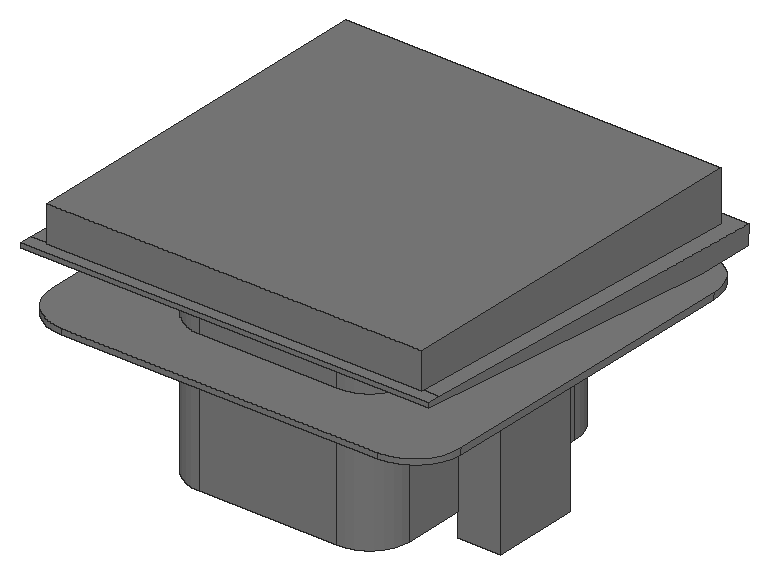
Revit family "Gira_126165", category Electrical Fixtures, host Face, Revit 2017
Family settings
  Host = Face
  Maintain Annotation Orientation = Yes
  Round Connector Dimension = Use Diameter
  Part Type = Normal
  Cut with Voids When Loaded = No
  Shared = No
  Room Calculation Point = No
Parameters (values of type "Türstation 3f UP Gira TX_44 (WG UP) F Alu")
  URL = "http://katalog.gira.de/de_DE/datenblatt.html?artikelnr=126165"
  Schutz gegen Vandalismus = "Yes"
  Region = "DE"
  Name = "Türstation 3f UP Gira TX_44 (WG UP) F Alu"
  Montageart = "unter Putz"
  Modulare Bauweise = "Yes"
  Mit Kamera = "No"
  Mit Infoschild = "Yes"
  Mit Abdeckung = "Yes"
  Manufacturer URL = "https://www.gira.de/"
  Keynote = "TX44_Komplettgerät_Schalten und Tasten"
  Installationstechnik = "Bus-System"
  HeinzeBIM = "https://bimportal.heinze.de/bim/tuerstation-3f-up-gira-tx-44-wg-up-f-alu/a8700827a708c18970ee5962c031f4c979882bb5"
  HAN = "126165"
  GTIN = "4010337261650"
  Farbe = "silber"
  Default Elevation = 1219.2 mm
  Data sheet (1) = "https://katalog.gira.de/de_DE/download.html?artikelnr=126165"
  Category = "Türstation für Türkommunikation"
  Available = "Yes"
  Anzahl der Ruftasten = "3 "
Reference planes
  plane 1 "Center (Front/Back)": y = 0
  plane 2 "Reference Level 0": z = 0
  plane 3 "Center (Left/Right)": x = 0
  plane 4: z = -28.6
Forms (mm)
  Extrusion 1, solid, material "Default", detail levels fine
    sketch origin (0, 0, 0) x (1, 0, 0) y (0, 1, 0)
      loop
        line (-32.604, 32.5) -> (-32.604, -32.5) -> (32.735, -32.5) -> (32.735, 32.5) -> (-32.604, 32.5)
    from 0 to 12.3
  Extrusion 2, solid, material "Default", detail levels fine
    sketch origin (0, 0, 0) x (0, 1, 0) y (0, 0, 1)
      loop
        line (35, 3.483) -> (-32.2, 6) -> (-34.55, 6) -> (-34.536, 5.199) -> (24.886, 0) -> (34.939, 0) -> (35, 3.483)
    from -35.5 to 35.5
  Extrusion 3, void
    sketch origin (0, 0, 0) x (0, 1, 0) y (0, 0, 1)
      loop
        line (42.419, 3.205) -> (-32.2, 6) -> (-42.193, 6) -> (-42.193, -11.826) -> (42.419, -11.826) -> (42.419, 3.205)
    from -64.194 to 61.264
  Extrusion 4, solid, material "Default", detail levels fine
    sketch origin (0, 0, 0) x (1, 0, 0) y (0, 1, 0)
      loop
        arc (35.5, 27.5) -> (33.157, 33.157) -> (27.5, 35.5) r 8
        line (27.5, 35.5) -> (-27.5, 35.5)
        arc (-27.5, 35.5) -> (-33.157, 33.157) -> (-35.5, 27.5) r 8
        line (-35.5, 27.5) -> (-35.5, -27.5)
        arc (-35.5, -27.5) -> (-33.157, -33.157) -> (-27.5, -35.5) r 8
        line (-27.5, -35.5) -> (27.5, -35.5)
        arc (27.5, -35.5) -> (33.157, -33.157) -> (35.5, -27.5) r 8
        line (35.5, -27.5) -> (35.5, 27.5)
    from -4.1 to -5.1
  Extrusion 5, solid, material "Default", detail levels fine
    sketch origin (0, 0, 0) x (1, 0, 0) y (0, 1, 0)
      loop
        arc (-12, 25) -> (-16.95, 22.95) -> (-19, 18) r 7
        line (-19, 18) -> (-19, -18)
        arc (-19, -18) -> (-16.95, -22.95) -> (-12, -25) r 7
        line (-12, -25) -> (12, -25)
        arc (12, -25) -> (16.95, -22.95) -> (19, -18) r 7
        line (19, -18) -> (19, 18)
        arc (19, 18) -> (16.95, 22.95) -> (12, 25) r 7
        line (12, 25) -> (-12, 25)
    from 4.692 to -28.6
  Extrusion 6, solid, material "Default", detail levels fine
    sketch origin (0, 0, 0) x (1, 0, 0) y (0, 1, 0)
      loop
        line (-26.5, -7.5) -> (-19, -7.5) -> (-19, 7.5) -> (-26.5, 7.5) -> (-26.5, -7.5)
    from -5.1 to -32.6
  Extrusion 7, solid, material "Default", detail levels fine
    sketch origin (0, 0, 0) x (-1, 0, 0) y (0, -1, 0)
      loop
        line (-26.5, 7.5) -> (-26.5, -7.5) -> (-19, -7.5) -> (-19, 7.5) -> (-26.5, 7.5)
    from -5.1 to -32.6
  Extrusion 8, solid, material "Default", detail levels medium
    sketch origin (0, 0, 0) x (1, 0, 0) y (0, 1, 0)
      loop
        line (-32.604, 32.5) -> (-32.604, -32.5) -> (32.735, -32.5) -> (32.735, 32.5) -> (-32.604, 32.5)
    from 0 to 12.3
  Extrusion 9, solid, material "Default", detail levels medium
    sketch origin (0, 0, 0) x (0, 1, 0) y (0, 0, 1)
      loop
        line (35, 3.483) -> (-32.2, 6) -> (-34.55, 6) -> (-34.445, 0) -> (34.939, 0) -> (35, 3.483)
    from -35.5 to 35.5
  Extrusion 10, solid, material "Default", detail levels medium
    sketch origin (0, 0, 0) x (1, 0, 0) y (0, 1, 0)
      loop
        line (-26.5, 25) -> (-26.5, -25) -> (26.5, -25) -> (26.5, 25) -> (-26.5, 25)
    from 4.692 to -32.6
  Extrusion 11, solid, material "Default", detail levels medium
    sketch origin (0, 0, 0) x (1, 0, 0) y (0, 1, 0)
      loop
        line (35.5, 35.5) -> (-35.5, 35.5) -> (-35.5, -35.5) -> (35.5, -35.5) -> (35.5, 35.5)
    from -4.1 to -5.1
  Extrusion 12, solid, material "Default", detail levels coarse
    sketch origin (0, 0, 0) x (1, 0, 0) y (0, 1, 0)
      loop
        line (35.5, 35.5) -> (-35.5, 35.5) -> (-35.5, -35.5) -> (35.5, -35.5) -> (35.5, 35.5)
    from -32.6 to 12.3
Cuts and joins
  Extrusion 3 cuts Extrusion 1
  joined: Extrusion 1, Extrusion 2, Extrusion 4, Extrusion 5, Extrusion 6, Extrusion 7
Dimensions and locks
  Extrusion 12 to Extrusion 12 = 44.9 mm
  aligned and locked: plane 2 "Reference Level 0" to host face
  aligned and locked: level to host face
  aligned and locked: plane 3 "Center (Left/Right)" to nested 1
  aligned and locked: plane 1 "Center (Front/Back)" to nested 1
Nested families
  nested 1: "Schalter" at (0, 0, 0), type "Schalter"
Connectors
  electrical at (0, 0, -32.6)
    settings: on Extrusion 12, index 1, voltage 220 V, apparent load 0 VA, apparent load phase1 0 VA, apparent load phase2 0 VA, apparent load phase3 0 VA, power factor 1, load classification "Other", number of poles 1, system type 30, power factor state 1, is connector primary yes, connector utility no, sub classification motor no, connector description ""
Definition of nested family "Schalter"
  Reference planes
    plane 1: y = 0
    plane 2: x = 0
  Lines and regions (mm)
    detail lines
      curve 1: circle (1.375, 2.778, 0) r 0.8 normal (0, 0, 1)
      curve 2: line (1.021, 2.061, 0) -> (0, 0, 0)
      curve 3: line (0, 0, 0) -> (-0.538, 0.266, 0)
  Dimensions and locks
    curve 2 to curve 2 = 2.3 mm
    curve 3 to curve 2 = 0.6 mm
    radius of curve 1 = 0.8 mm
